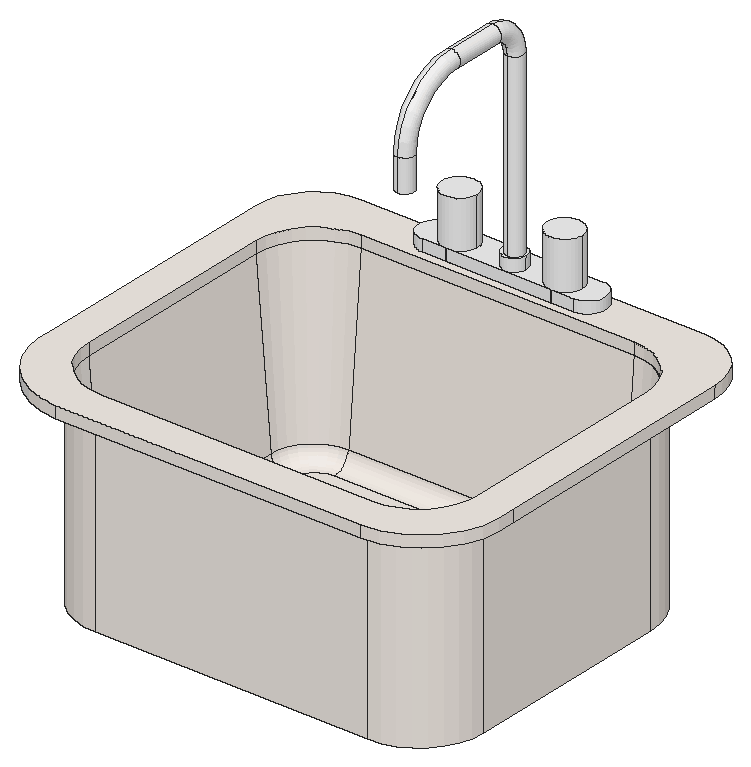
Revit family
Parameters (values of type "500 x 440mm")
  Keynote = "N13/180"
  Basin Material = Porcelain - Linen
  Counter Height = 750.00 mm
  Depth = 440.00 mm
  Fixture Material = Metal - Chrome, Polished
  Width = 500.00 mm
Reference planes
  plane 1 "Center (Front/Back)": y = 5.52
  plane 2: z = 0
  plane 3 "Center (Left/Right)": x = 15.689
  plane 4: y = 180.145
  plane 5: y = -259.855
  plane 6: x = -234.311
  plane 7: x = 265.689
  plane 8 "Top Of Counter": z = 750
  plane 9: z = 762.7
  plane 10: z = 534.1
  plane 11: y = 132.52
  plane 12: x = -196.211
  plane 13: y = -221.755
  plane 14: x = 227.589
  plane 15: x = -85.911
  plane 16: x = 117.289
  plane 17: y = 156.333
  plane 18: y = 156.333
  plane 19: y = 156.333
  plane 20: z = 1013.525
  plane 21: y = 7.108
  plane 22: z = 826.2
  plane 23: z = 788.1
  plane 24: y = 161.095
  plane 25: x = -47.811
  plane 26: x = 66.489
Forms (mm)
  Extrusion 1, solid, material "Porcelain - Linen" <- "Basin Material"
    sketch origin (0, 0, 0) x (1, 0, 0) y (0, 1, 0)
      loop
        arc (181.339, -259.855) -> (246.052, -227.766) -> (265.689, -158.255) r 89.057
        line (265.689, -158.255) -> (265.689, 116.645)
        arc (265.689, 116.645) -> (247.091, 161.547) -> (202.189, 180.145) r 63.5
        line (202.189, 180.145) -> (-170.811, 180.145)
        arc (-170.811, 180.145) -> (-215.712, 161.547) -> (-234.311, 116.645) r 63.5
        line (-234.311, 116.645) -> (-234.311, -158.255)
        arc (-234.311, -158.255) -> (-214.674, -227.766) -> (-149.961, -259.855) r 89.057
        line (-149.961, -259.855) -> (181.339, -259.855)
      loop
        arc (-132.711, 132.52) -> (-177.612, 113.922) -> (-196.211, 69.02) r 63.5
        line (-196.211, 69.02) -> (-196.211, -158.255)
        arc (-196.211, -158.255) -> (-177.612, -203.156) -> (-132.711, -221.755) r 63.5
        line (-132.711, -221.755) -> (164.089, -221.755)
        arc (164.089, -221.755) -> (208.991, -203.156) -> (227.589, -158.255) r 63.5
        line (227.589, -158.255) -> (227.589, 69.02)
        arc (227.589, 69.02) -> (208.991, 113.922) -> (164.089, 132.52) r 63.5
        line (164.089, 132.52) -> (-132.711, 132.52)
    from 750 to 762.7
  Sweep 2, solid, material "Porcelain - Linen" <- "Basin Material"
    path origin (0, 0, 0) x (1, 0, 0) y (0, 1, 0)
      loop
        arc (-132.711, 132.52) -> (-177.612, 113.922) -> (-196.211, 69.02) r 63.5
        line (-196.211, 69.02) -> (-196.211, -158.255)
        arc (-196.211, -158.255) -> (-177.612, -203.156) -> (-132.711, -221.755) r 63.5
        line (-132.711, -221.755) -> (164.089, -221.755)
        arc (164.089, -221.755) -> (208.991, -203.156) -> (227.589, -158.255) r 63.5
        line (227.589, -158.255) -> (227.589, 69.02)
        arc (227.589, 69.02) -> (208.991, 113.922) -> (164.089, 132.52) r 63.5
        line (164.089, 132.52) -> (-132.711, 132.52)
    profile origin (15.689, 0, 0) x (0, 1, 0) y (0, 0, 1)
      loop
        line (132.52, 750) -> (115.986, 561.015)
        arc (115.986, 561.015) -> (109.879, 548.63) -> (97.009, 543.625) r 19.05
        line (97.009, 543.625) -> (94.42, 543.625) -> (94.42, 534.1) -> (138.87, 534.1) -> (138.87, 750) -> (132.52, 750)
  Extrusion 3, solid, material "Porcelain - Linen" <- "Basin Material"
    sketch origin (0, 0, 0) x (1, 0, 0) y (0, 1, 0)
      loop
        arc (-132.711, 94.42) -> (-150.671, 86.981) -> (-158.111, 69.02) r 25.4
        line (-158.111, 69.02) -> (-158.111, -158.255)
        arc (-158.111, -158.255) -> (-150.671, -176.215) -> (-132.711, -183.655) r 25.4
        line (-132.711, -183.655) -> (164.089, -183.655)
        arc (164.089, -183.655) -> (182.05, -176.215) -> (189.489, -158.255) r 25.4
        line (189.489, -158.255) -> (189.489, 69.02)
        arc (189.489, 69.02) -> (182.05, 86.981) -> (164.089, 94.42) r 25.4
        line (164.089, 94.42) -> (-132.711, 94.42)
      loop
        circle (15.689, 3.175) r 25.4
    from 534.1 to 543.625
  Extrusion 4, solid, material "Metal - Chrome, Polished" <- "Fixture Material"
    sketch origin (0, -17.559, 0) x (1, 0, 0) y (0, 1, 0)
      loop
        circle (-47.811, 178.654) r 19.05
      loop
        circle (66.489, 178.654) r 19.05
    from 762.7 to 826.2
  Sweep 5, solid, material "Metal - Chrome, Polished" <- "Fixture Material"
    path origin (15.689, 0, 0) x (0, 1, 0) y (0, 0, 1)
      loop
        line (156.333, 762.7) -> (156.333, 983.363)
        arc (156.333, 983.363) -> (147.499, 1004.691) -> (126.17, 1013.525) r 30.163
        line (126.17, 1013.525) -> (70.608, 1013.525)
        arc (70.608, 1013.525) -> (25.707, 994.926) -> (7.108, 950.025) r 63.5
        line (7.108, 950.025) -> (7.108, 915.1)
    profile origin (15.689, 0, 873.031) x (0, -1, 0) y (1, 0, 0)
      loop
        circle (-156.333, 0) r 9.525
  Extrusion 6, solid, material "Metal - Chrome, Polished" <- "Fixture Material"
    sketch origin (0, 0, 0) x (1, 0, 0) y (0, 1, 0)
      loop
        circle (15.689, 156.333) r 12.7
    from 762.7 to 788.1
  Extrusion 7, solid, material "Metal - Chrome, Polished" <- "Fixture Material"
    sketch origin (0, 0, 0) x (1, 0, 0) y (0, 1, 0)
      loop
        arc (-73.211, 180.145) -> (-92.261, 161.095) -> (-73.211, 142.045) r 19.05
        line (-73.211, 142.045) -> (91.889, 142.045)
        arc (91.889, 142.045) -> (110.939, 161.095) -> (91.889, 180.145) r 19.05
        line (91.889, 180.145) -> (-73.211, 180.145)
    from 762.7 to 775.2
Cuts and joins
  joined: Sweep 5, Extrusion 6, Extrusion 7
  joined: Sweep 2, Extrusion 3
Lines and regions (mm)
  Masking region 1
    outline origin (0, 0, 750) x (0, -1, 0) y (1, 0, 0)
      loop
        arc (-180.145, -170.811) -> (-161.547, -215.712) -> (-116.645, -234.311) r 63.5
        line (-116.645, -234.311) -> (170.955, -234.311)
        arc (170.955, -234.311) -> (233.816, -208.273) -> (259.855, -145.411) r 88.9
        line (259.855, -145.411) -> (259.855, 181.339)
        arc (259.855, 181.339) -> (235.149, 240.984) -> (175.505, 265.689) r 84.35
        line (175.505, 265.689) -> (-116.645, 265.689)
        arc (-116.645, 265.689) -> (-161.547, 247.091) -> (-180.145, 202.189) r 63.5
        line (-180.145, 202.189) -> (-180.145, -170.811)
  symbolic lines
    curve 1: line (265.689, -175.505, 0) -> (265.689, 116.645, 0)
    curve 2: line (-145.411, -259.855, 0) -> (181.339, -259.855, 0)
    curve 3: line (-234.311, 116.645, 0) -> (-234.311, -170.955, 0)
    curve 4: arc (41.089, 3.175, 0) -> (15.689, 28.575, 0) -> (-9.711, 3.175, 0) r 25.4
    curve 5: arc (-9.711, 3.175, 0) -> (15.689, -22.225, 0) -> (41.089, 3.175, 0) r 25.4
    curve 6: line (-196.211, 69.02, 0) -> (-196.211, -158.255, 0)
    curve 7: line (-132.711, -221.755, 0) -> (164.089, -221.755, 0)
    curve 8: line (227.589, -158.255, 0) -> (227.589, 69.02, 0)
    curve 9: line (164.089, 132.52, 0) -> (28.389, 132.52, 0)
    curve 10: arc (164.089, -221.755, 0) -> (208.991, -203.156, 0) -> (227.589, -158.255, 0) r 63.5
    curve 11: arc (-196.211, -158.255, 0) -> (-177.612, -203.156, 0) -> (-132.711, -221.755, 0) r 63.5
    curve 12: arc (-132.711, 132.52, 0) -> (-177.612, 113.922, 0) -> (-196.211, 69.02, 0) r 63.5
    curve 13: arc (28.389, 160.745, 0) -> (15.689, 173.445, 0) -> (2.989, 160.745, 0) r 12.7
    curve 14: line (2.989, 160.745, 0) -> (2.989, 40.391, 0)
    curve 15: line (28.389, 160.745, 0) -> (28.389, 40.391, 0)
    curve 16: arc (28.389, 40.391, 0) -> (15.689, 27.691, 0) -> (2.989, 40.391, 0) r 12.7
    curve 17: line (2.989, 132.52, 0) -> (-132.711, 132.52, 0)
    curve 18: arc (-234.311, -170.955, 0) -> (-208.273, -233.816, 0) -> (-145.411, -259.855, 0) r 88.9
    curve 19: arc (181.339, -259.855, 0) -> (240.984, -235.149, 0) -> (265.689, -175.505, 0) r 84.35
    curve 20: arc (164.089, 132.52, 0) -> (208.991, 113.922, 0) -> (227.589, 69.02, 0) r 63.5
    curve 21: line (202.189, 180.145, 0) -> (-170.811, 180.145, 0)
    curve 22: arc (-170.811, 180.145, 0) -> (-215.712, 161.547, 0) -> (-234.311, 116.645, 0) r 63.5
    curve 23: arc (265.689, 116.645, 0) -> (247.091, 161.547, 0) -> (202.189, 180.145, 0) r 63.5
    curve 24: arc (85.539, 161.095, 0) -> (66.489, 180.145, 0) -> (47.439, 161.095, 0) r 19.05
    curve 25: arc (85.539, 161.095, 0) -> (66.489, 142.045, 0) -> (47.439, 161.095, 0) r 19.05
    curve 26: arc (-28.761, 161.095, 0) -> (-47.811, 180.145, 0) -> (-66.861, 161.095, 0) r 19.05
    curve 27: arc (-66.861, 161.095, 0) -> (-47.811, 142.045, 0) -> (-28.761, 161.095, 0) r 19.05
    curve 28: line (-73.211, 142.045, 0) -> (2.989, 142.045, 0)
    curve 29: arc (91.889, 142.045, 0) -> (110.939, 161.095, 0) -> (91.889, 180.145, 0) r 19.05
    curve 30: arc (-73.211, 180.145, 0) -> (-92.261, 161.095, 0) -> (-73.211, 142.045, 0) r 19.05
    curve 31: line (91.889, 180.145, 0) -> (-73.211, 180.145, 0)
    curve 32: line (28.389, 142.045, 0) -> (91.889, 142.045, 0)
Dimensions and locks
  equal spacing: plane 6, plane 3 "Center (Left/Right)", plane 7
  "Width": plane 6 to plane 7
  "Depth": plane 5 to plane 4
  "Counter Height": plane 8 "Top Of Counter" to plane 2
  locked: plane 9 to plane 8 "Top Of Counter" at 12.7
  locked: plane 8 "Top Of Counter" to plane 10 at 215.9
  locked: plane 6 to plane 12 at 38.1
  locked: plane 14 to plane 7 at 38.1
  locked: plane 5 to plane 13 at 38.1
  equal spacing: plane 11, plane 17, plane 4
  equal spacing: plane 11, plane 18, plane 4
  equal spacing: plane 4, plane 19, plane 11
  locked: plane 19 to plane 21 at 149.225
  locked: plane 20 to plane 9 at 250.825
  locked: plane 22 to plane 9 at 63.5
  locked: plane 23 to plane 9 at 25.4
  locked: plane 1 "Center (Front/Back)" to plane 4 at 174.625
  plane 24 to plane 4 = 19.05 mm
  locked: plane 25 to plane 3 "Center (Left/Right)" at 63.5
  locked: plane 3 "Center (Left/Right)" to plane 26 at 50.8
  aligned and locked: Extrusion 1 sketch curve to plane 5
  aligned and locked: plane 8 "Top Of Counter" to Extrusion 1
  aligned and locked: Extrusion 1 to plane 9
  aligned and locked: plane 11 to Extrusion 1 sketch curve
  aligned and locked: plane 14 to Extrusion 1 sketch curve
  aligned and locked: Extrusion 1 sketch curve to plane 12
  aligned and locked: Extrusion 1 sketch curve to plane 13
  aligned and locked: plane 11 to Sweep 2 sketch curve
  aligned and locked: plane 14 to Sweep 2 sketch curve
  aligned and locked: Sweep 2 sketch curve to plane 12
  aligned and locked: Sweep 2 sketch curve to plane 13
  aligned and locked: Sweep 2 to Extrusion 3 sketch curve  (x4)
  aligned and locked: Sweep 2 to Extrusion 3
  aligned and locked: plane 10 to Extrusion 3
  aligned and locked: Sweep 2 sketch curve to plane 10
  aligned and locked: plane 8 "Top Of Counter" to Sweep 2 sketch curve
  aligned and locked: Extrusion 4 to Extrusion 1
  aligned and locked: Extrusion 6 to Extrusion 1
  aligned and locked: Sweep 5 sketch curve to plane 19
  aligned and locked: plane 20 to Sweep 5 sketch curve
  aligned and locked: plane 21 to Sweep 5 sketch curve
  aligned and locked: Extrusion 4 to plane 22
  aligned and locked: Extrusion 6 to plane 23
  aligned and locked: Extrusion 7 to Extrusion 1
  aligned and locked: Masking region 1 sketch curve to curve 22
  aligned and locked: Masking region 1 sketch curve to curve 18
  aligned and locked: Masking region 1 sketch curve to curve 19
  aligned and locked: Masking region 1 sketch curve to curve 23
Automatic sketch dimensions
  Sweep 2 sketch curve to plane 12 = 63.50 mm
  Sweep 2 sketch curve to Sweep 2 sketch curve = 63.50 mm
  plane 11 to Sweep 2 sketch curve = 63.50 mm
  plane 14 to Sweep 2 sketch curve = 63.50 mm
  Sweep 2 sketch curve to profile plane = 0.00 mm
  profile plane to Sweep 2 sketch curve = 16.534 mm
  Sweep 2 sketch curve to Sweep 2 sketch curve = 18.978 mm
  Sweep 2 sketch curve to Sweep 2 sketch curve = 2.588 mm
  Sweep 2 sketch curve to profile plane = 6.35 mm
  Sweep 2 sketch curve to Sweep 2 sketch curve = 9.525 mm
  Sweep 2 sketch curve to Sweep 2 sketch curve = 17.39 mm
  Sweep 5 sketch curve to plane 3 "Center (Left/Right)" = 0.00 mm
  Sweep 5 sketch curve to profile plane = 0.00 mm
  profile plane to Sweep 5 sketch curve = 9.525 mm
  Extrusion 6 sketch curve to plane 18 = 0.00 mm
  Extrusion 6 sketch curve to plane 3 "Center (Left/Right)" = 0.00 mm
  Extrusion 6 sketch curve to plane 3 "Center (Left/Right)" = 12.70 mm
  Sweep 5 sketch curve to plane 9 = 0.00 mm
  Sweep 5 sketch curve to Sweep 5 sketch curve = 63.50 mm
  plane 11 to Sweep 5 sketch curve = 6.35 mm
  Sweep 5 sketch curve to Sweep 5 sketch curve = 34.925 mm
  Extrusion 3 sketch curve to plane 3 "Center (Left/Right)" = 0.00 mm
  Extrusion 3 sketch curve to Extrusion 3 sketch curve = 25.40 mm  (x4)
  plane 1 "Center (Front/Back)" to Extrusion 3 sketch curve = 2.345 mm
  Extrusion 3 sketch curve to plane 1 "Center (Front/Back)" = 63.50 mm
  Extrusion 7 sketch curve to plane 24 = 0.00 mm
  plane 25 to Extrusion 7 sketch curve = 25.40 mm
  plane 4 to Extrusion 7 sketch curve = 0.00 mm
  plane 3 "Center (Left/Right)" to Extrusion 7 sketch curve = 76.20 mm
  Extrusion 1 sketch curve to plane 6 = 0.00 mm
  Extrusion 1 sketch curve to plane 4 = 0.00 mm
  Extrusion 1 sketch curve to plane 7 = 0.00 mm
  plane 11 to Extrusion 1 sketch curve = 15.875 mm
  Extrusion 1 sketch curve to Extrusion 1 sketch curve = 38.10 mm
  Extrusion 1 sketch curve to plane 12 = 46.25 mm
  Extrusion 1 sketch curve to Extrusion 1 sketch curve = 50.057 mm
  Extrusion 1 sketch curve to Extrusion 1 sketch curve = 17.25 mm  (x2)
  Extrusion 1 sketch curve to Extrusion 1 sketch curve = 63.50 mm  (x2)
  Extrusion 1 sketch curve to Extrusion 1 sketch curve = 13.443 mm
  plane 14 to Extrusion 1 sketch curve = 25.40 mm
  Extrusion 1 sketch curve to Extrusion 1 sketch curve = 12.625 mm  (x2)
  Extrusion 4 sketch curve to plane 24 = 0.00 mm  (x2)
  Extrusion 4 sketch curve to plane 25 = 0.00 mm
  Extrusion 4 sketch curve to plane 26 = 0.00 mm
  Extrusion 4 sketch curve to Extrusion 4 sketch curve = 19.05 mm  (x2)
  curve 22 to plane 6 = 0.00 mm
  curve 17 to plane 11 = 0.00 mm
  curve 22 to plane 4 = 0.00 mm
  curve 18 to plane 5 = 0.00 mm
  curve 11 to plane 13 = 0.00 mm
  curve 31 to plane 4 = 0.00 mm
  curve 30 to plane 24 = 0.00 mm
  curve 27 to plane 24 = 0.00 mm
  curve 26 to plane 25 = 0.00 mm
  curve 16 to plane 3 "Center (Left/Right)" = 0.00 mm
  curve 4 to plane 3 "Center (Left/Right)" = 0.00 mm
  curve 24 to plane 24 = 0.00 mm
  curve 25 to plane 26 = 0.00 mm
  curve 20 to plane 14 = 0.00 mm
  curve 1 to plane 7 = 0.00 mm
  curve 17 to plane 12 = 63.50 mm
  curve 22 to plane 12 = 25.40 mm
  curve 6 to curve 18 = 50.80 mm
  curve 18 to curve 11 = 12.70 mm
  plane 25 to curve 28 = 25.40 mm
  curve 30 to curve 27 = 6.35 mm
  plane 1 "Center (Front/Back)" to curve 4 = 2.345 mm
  curve 4 to curve 4 = 25.40 mm
  curve 14 to curve 16 = 12.70 mm
  curve 24 to curve 24 = 19.05 mm
  curve 24 to curve 29 = 6.35 mm
  curve 10 to curve 8 = 63.50 mm
  curve 20 to curve 20 = 63.50 mm
  curve 7 to curve 19 = 17.25 mm
  plane 14 to curve 23 = 25.40 mm
  curve 15 to plane 1 "Center (Front/Back)" = 34.87 mm
  plane 24 to curve 13 = 0.351 mm
  curve 29 to plane 24 = 0.00 mm
  curve 9 to plane 11 = 0.00 mm
  curve 6 to plane 12 = 0.00 mm
